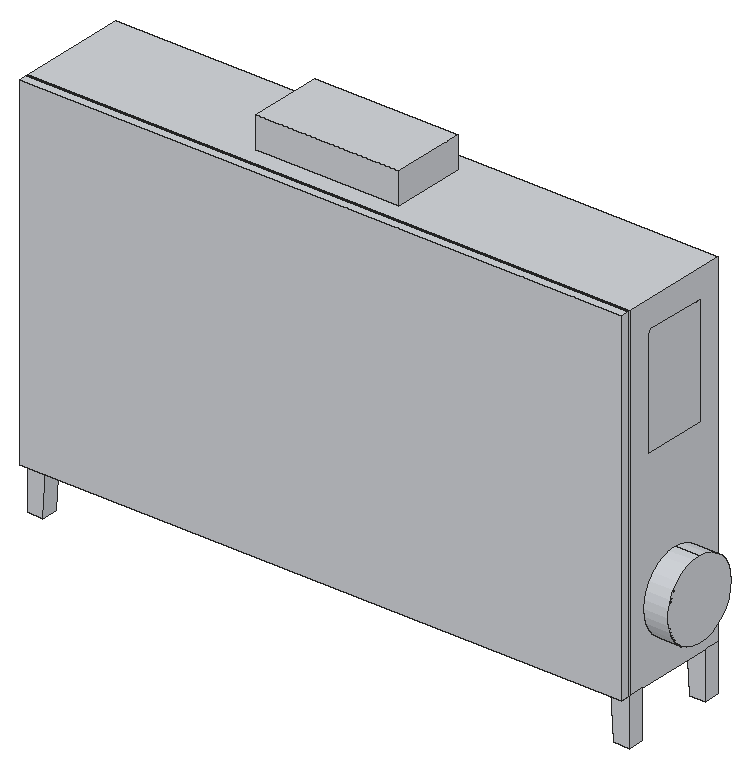
Revit family "AHU 3 _3", category Mechanické zařízení, Revit 2018
Family settings
  Kóta kulaté spojky = Použít průměr
  Typ dílu = Normální
  Číslo OmniClass = 23.75.00.00
  Nadpis OmniClass = Climate Control (HVAC)
  Založené na pracovní rovině = Ne
  Vždy vertikální = Ano
  Ořezat dutým tvarem při načtení = Ne
  Sdílené = Ne
  Bod výpočtu místnosti = Ne
Parameters (values of type "DUPLEXVENT 1100 Multi Eco")
  Width [instance] = 0.384 mm
  Weight [instance] = 115.00 kg
  URL = ""
  Type [instance] = "DUPLEXVENT 1100 Multi Eco"
  Total_SFP [instance] = 0
  Supply_outlet_hum [instance] = 90
  Supply_inlet_hum [instance] = 90
  Supply_ext_pressure [instance] = 0.0 Pa
  Supply_SFP [instance] = 0
  Source_adu_file [instance] = ""
  Recuperation_type [instance] = "Plate heat recovery exchanger"
  Recuperation_efficiency_EN308 [instance] = 0
  Project_name [instance] = ""
  Project_date [instance] = "10.8.2023"
  Power_supply_fusing [instance] = "0"
  Power_supply_cable [instance] = "0"
  Position [instance] = "AHU 3 "
  Phases_count [instance] = 1
  Panel_thickness [instance] = 0.06 mm
  Outer_surface [instance] = "RAL 9002"
  Length [instance] = 1.92 mm
  Insulation_type [instance] = "PUR"
  Insulation_thickness [instance] = 0.05 mm
  Installation_environment [instance] = ""
  Input_power_max [instance] = 770 W
  Inner_surface [instance] = "Pozink"
  I2 [instance] = I1  # 0.0 L/s
  Height [instance] = 1.1 mm
  Exhaust_outlet_hum [instance] = 40
  Exhaust_inlet_hum [instance] = 40
  Exhaust_ext_pressure [instance] = 0.0 Pa
  Exhaust_SFP [instance] = 0
  E1 [instance] = E2 - M1  # 0.0 L/s
  E2 [instance] = 0.0 L/s
  I1 [instance] = 0.0 L/s
  Description = ""
  M1 [instance] = 0.0 L/s
  Device_dutypoint_version [instance] = "0"
  Device_design_version [instance] = "9"
  Device_adu_id [instance] = "3"
  Current_max [instance] = 5 A
  Casing_mat [instance] = "painted zinc layer"
  Cable type [instance] = "CYKY 3Jx2,5"
Reference planes
  plane 1 "Střed (vpředu/vzadu)": y = 0
  plane 2 "ref": z = 0
  plane 3 "Střed (vlevo/vpravo)": x = 0
Forms (mm)
  Sweep 1, solid
    path origin (0, 0, 0) x (0, 0, 1) y (1, 0, 0)
      loop
        line (0, 0) -> (1100, 0)
    profile origin (0, 0, 0) x (1, 0, 0) y (0, 1, 0)
      loop
        line (0, 0) -> (1920, 0) -> (1920, 354) -> (0, 354) -> (0, 0)
  Sweep 2, solid
    path origin (0, 0, 0) x (0, 0, 1) y (1, 0, 0)
      loop
        line (0, 0) -> (1100, 0)
    profile origin (0, 0, 0) x (1, 0, 0) y (0, 1, 0)
      loop
        line (0, 0) -> (0, -30) -> (1920, -30) -> (1920, 0) -> (0, 0)
  Sweep 3, solid
    path origin (0, 179, 225) x (0, 0, -1) y (1, 0, 0)
      loop
        line (0, 0) -> (0, -60)
    profile origin (0, 179, 225) x (0, 0, -1) y (0, -1, 0)
      loop
        circle (0, 0) r 125
  Sweep 4, solid
    path origin (1919, 179, 835) x (1, 0, 0) y (0, 1, 0)
      loop
        line (0, 0) -> (1, 0)
    profile origin (1919, 179, 835) x (0, 1, 0) y (0, 0, 1)
      loop
        line (-100, 175) -> (-100, -175) -> (100, -175) -> (100, 175) -> (-100, 175)
  Sweep 5, solid
    path origin (1920, 179, 225) x (0, 0, -1) y (1, 0, 0)
      loop
        line (0, 0) -> (0, 80)
    profile origin (1920, 179, 225) x (0, 0, 1) y (0, -1, 0)
      loop
        circle (0, 0) r 125
  Sweep 6, solid
    path origin (1, 179, 680) x (0, 1, 0) y (-1, 0, 0)
      loop
        line (0, 0) -> (0, 1)
    profile origin (1, 179, 680) x (0, -1, 0) y (0, 0, 1)
      loop
        line (-100, -175) -> (100, -175) -> (100, 175) -> (-100, 175) -> (-100, -175)
  Sweep 7, solid
    path origin (619, 308, 0) x (0, -1, 0) y (0, 0, 1)
      loop
        line (0, 0) -> (0, -50)
    profile origin (619, 308, 0) x (-1, 0, 0) y (0, -1, 0)
      loop
        circle (0, 0) r 16
  Sweep 8, solid
    path origin (0, 0, 0) x (0, 0, 1) y (1, 0, 0)
      loop
        line (0, 0) -> (1100, 0)
    profile origin (0, 0, 0) x (1, 0, 0) y (0, 1, 0)
      loop
        line (0, -30) -> (1920, -30) -> (1920, -5) -> (0, -5) -> (0, -30)
  Sweep 9, solid
    path origin (25, 50, 0) x (1, 0, 0) y (0, 1, 0)
      loop
        line (0, 0) -> (0, -50)
    profile origin (25, 50, 0) x (1, 0, 0) y (0, 0, 1)
      loop
        line (-25, 0) -> (-25, -150) -> (25, -150) -> (35, 0) -> (-25, 0)
  Sweep 10, solid
    path origin (1895, 50, 0) x (1, 0, 0) y (0, 1, 0)
      loop
        line (0, 0) -> (0, -50)
    profile origin (1895, 50, 0) x (1, 0, 0) y (0, 0, 1)
      loop
        line (-35, 0) -> (-25, -150) -> (25, -150) -> (25, 0) -> (-35, 0)
  Sweep 11, solid
    path origin (25, 354, 0) x (1, 0, 0) y (0, 1, 0)
      loop
        line (0, 0) -> (0, -50)
    profile origin (25, 354, 0) x (1, 0, 0) y (0, 0, 1)
      loop
        line (-25, 0) -> (-25, -150) -> (25, -150) -> (35, 0) -> (-25, 0)
  Sweep 12, solid
    path origin (1895, 354, 0) x (1, 0, 0) y (0, 1, 0)
      loop
        line (0, 0) -> (0, -50)
    profile origin (1895, 354, 0) x (1, 0, 0) y (0, 0, 1)
      loop
        line (-35, 0) -> (-25, -150) -> (25, -150) -> (25, 0) -> (-35, 0)
  Sweep 13, solid
    path origin (0, 0, 1100) x (0, 0, 1) y (1, 0, 0)
      loop
        line (0, 0) -> (100, 0)
    profile origin (0, 0, 1100) x (1, 0, 0) y (0, 1, 0)
      loop
        line (682, 59) -> (1137, 59) -> (1137, 294) -> (682, 294) -> (682, 59)
  Sweep 14, solid
    path origin (682, 177, 1150) x (0, 0, -1) y (1, 0, 0)
      loop
        line (0, 0) -> (0, -1)
    profile origin (682, 177, 1150) x (0, 0, -1) y (0, -1, 0)
      loop
        circle (0, 0) r 10
Lines and regions (mm)
  model lines, style "Symbol"
    curve 1: line (787, -30, 0) -> (787, -30, 220)
    curve 2: line (787, -30, 1100) -> (787, -30, 880)
    curve 3: line (0, -30, 550) -> (457, -30, 550)
    curve 4: line (1920, -30, 550) -> (1117, -30, 550)
    curve 5: line (457, -30, 550) -> (622, -30, 880)
    curve 6: line (622, -30, 880) -> (952, -30, 880)
    curve 7: line (952, -30, 880) -> (1117, -30, 550)
    curve 8: line (1117, -30, 550) -> (952, -30, 220)
    curve 9: line (952, -30, 220) -> (787, -30, 220)
    curve 10: line (787, -30, 220) -> (622, -30, 220)
    curve 11: line (622, -30, 220) -> (457, -30, 550)
    curve 12: line (1678, -30, 903) -> (1854, -30, 873)
    curve 13: line (1678, -30, 747) -> (1854, -30, 777)
    curve 14: line (242, -30, 747) -> (66, -30, 777)
    curve 15: line (242, -30, 903) -> (66, -30, 873)
    curve 16: line (38, -30, 110) -> (38, -30, 440)
    curve 17: line (38, -30, 440) -> (154, -30, 440)
    curve 18: line (154, -30, 440) -> (154, -30, 110)
    curve 19: line (154, -30, 110) -> (38, -30, 110)
    curve 20: line (96, -30, 110) -> (154, -30, 275)
    curve 21: line (96, -30, 440) -> (154, -30, 275)
    curve 22: line (1882, -30, 440) -> (1882, -30, 110)
    curve 23: line (1882, -30, 110) -> (1766, -30, 110)
    curve 24: line (1766, -30, 110) -> (1766, -30, 440)
    curve 25: line (1766, -30, 440) -> (1882, -30, 440)
    curve 26: line (1824, -30, 440) -> (1766, -30, 275)
    curve 27: line (1824, -30, 110) -> (1766, -30, 275)
    curve 28: line (563, -30, 192) -> (413, -30, 487)
    curve 29: line (413, -30, 487) -> (462, -30, 512)
    curve 30: line (462, -30, 512) -> (612, -30, 217)
    curve 31: line (612, -30, 217) -> (563, -30, 192)
    curve 32: line (473, -30, 381) -> (492, -30, 440)
    curve 33: line (533, -30, 264) -> (552, -30, 323)
    curve 34: line (0, -1030, 0) -> (0, -30, 0)
    curve 35: line (1920, -1030, 0) -> (1920, -30, 0)
    curve 36: line (0, -1030, 0) -> (1920, -1030, 0)
    curve 37: line (0, -1030, 1100) -> (0, -30, 1100)
    curve 38: line (1920, -1030, 1100) -> (1920, -30, 1100)
    curve 39: line (0, -1030, 1100) -> (1920, -1030, 1100)
    curve 40: line (0, -1030, 0) -> (0, -1030, 1100)
    curve 41: line (1920, -1030, 0) -> (1920, -1030, 1100)
    curve 42: line (0, -1030, 900) -> (200, -1030, 1100)
    curve 43: line (0, -1030, 700) -> (400, -1030, 1100)
    curve 44: line (0, -1030, 500) -> (600, -1030, 1100)
    curve 45: line (0, -1030, 300) -> (800, -1030, 1100)
    curve 46: line (0, -1030, 100) -> (1000, -1030, 1100)
    curve 47: line (100, -1030, 0) -> (1200, -1030, 1100)
    curve 48: line (300, -1030, 0) -> (1400, -1030, 1100)
    curve 49: line (500, -1030, 0) -> (1600, -1030, 1100)
    curve 50: line (700, -1030, 0) -> (1800, -1030, 1100)
    curve 51: line (900, -1030, 0) -> (1920, -1030, 1020)
    curve 52: line (1100, -1030, 0) -> (1920, -1030, 820)
    curve 53: line (1300, -1030, 0) -> (1920, -1030, 620)
    curve 54: line (1500, -1030, 0) -> (1920, -1030, 420)
    curve 55: line (1700, -1030, 0) -> (1920, -1030, 220)
    curve 56: line (1900, -1030, 0) -> (1920, -1030, 20)
    curve 57: line (1920, -1030, 900) -> (1920, -830, 1100)
    curve 58: line (1920, -1030, 700) -> (1920, -630, 1100)
    curve 59: line (1920, -1030, 500) -> (1920, -430, 1100)
    curve 60: line (1920, -1030, 300) -> (1920, -230, 1100)
    curve 61: line (1920, -1030, 100) -> (1920, -30, 1100)
    curve 62: line (1920, -930, 0) -> (1920, -30, 900)
    curve 63: line (1920, -730, 0) -> (1920, -30, 700)
    curve 64: line (1920, -530, 0) -> (1920, -30, 500)
    curve 65: line (1920, -330, 0) -> (1920, -30, 300)
    curve 66: line (1920, -130, 0) -> (1920, -30, 100)
    curve 67: line (0, -830, 1100) -> (200, -1030, 1100)
    curve 68: line (0, -630, 1100) -> (400, -1030, 1100)
    curve 69: line (0, -430, 1100) -> (600, -1030, 1100)
    curve 70: line (0, -230, 1100) -> (800, -1030, 1100)
    curve 71: line (0, -30, 1100) -> (1000, -1030, 1100)
    curve 72: line (200, -30, 1100) -> (1200, -1030, 1100)
    curve 73: line (400, -30, 1100) -> (1400, -1030, 1100)
    curve 74: line (600, -30, 1100) -> (1600, -1030, 1100)
    curve 75: line (800, -30, 1100) -> (1800, -1030, 1100)
    curve 76: line (1000, -30, 1100) -> (1920, -950, 1100)
    curve 77: line (1200, -30, 1100) -> (1920, -750, 1100)
    curve 78: line (1400, -30, 1100) -> (1920, -550, 1100)
    curve 79: line (1600, -30, 1100) -> (1920, -350, 1100)
    curve 80: line (1800, -30, 1100) -> (1920, -150, 1100)
    curve 81: line (0, 0, 1840) -> (0, 0, 1100)
    curve 82: line (1920, 0, 1840) -> (1920, 0, 1100)
    curve 83: line (0, 0, 1840) -> (1920, 0, 1840)
    curve 84: line (0, 354, 1840) -> (0, 354, 1100)
    curve 85: line (1920, 354, 1840) -> (1920, 354, 1100)
    curve 86: line (0, 354, 1840) -> (1920, 354, 1840)
    curve 87: line (0, 0, 1840) -> (0, 354, 1840)
    curve 88: line (1920, 0, 1840) -> (1920, 354, 1840)
    curve 89: line (0, 154, 1840) -> (200, 354, 1840)
    curve 90: line (46, 0, 1840) -> (400, 354, 1840)
    curve 91: line (246, 0, 1840) -> (600, 354, 1840)
    curve 92: line (446, 0, 1840) -> (800, 354, 1840)
    curve 93: line (646, 0, 1840) -> (1000, 354, 1840)
    curve 94: line (846, 0, 1840) -> (1200, 354, 1840)
    curve 95: line (1046, 0, 1840) -> (1400, 354, 1840)
    curve 96: line (1246, 0, 1840) -> (1600, 354, 1840)
    curve 97: line (1446, 0, 1840) -> (1800, 354, 1840)
    curve 98: line (1646, 0, 1840) -> (1920, 274, 1840)
    curve 99: line (1846, 0, 1840) -> (1920, 74, 1840)
    curve 100: line (1920, 154, 1840) -> (1920, 354, 1640)
    curve 101: line (1920, 0, 1794) -> (1920, 354, 1440)
    curve 102: line (1920, 0, 1594) -> (1920, 354, 1240)
    curve 103: line (1920, 0, 1394) -> (1920, 294, 1100)
    curve 104: line (1920, 0, 1194) -> (1920, 94, 1100)
    curve 105: line (0, 354, 1640) -> (200, 354, 1840)
    curve 106: line (0, 354, 1440) -> (400, 354, 1840)
    curve 107: line (0, 354, 1240) -> (600, 354, 1840)
    curve 108: line (60, 354, 1100) -> (800, 354, 1840)
    curve 109: line (260, 354, 1100) -> (1000, 354, 1840)
    curve 110: line (460, 354, 1100) -> (1200, 354, 1840)
    curve 111: line (660, 354, 1100) -> (1400, 354, 1840)
    curve 112: line (860, 354, 1100) -> (1600, 354, 1840)
    curve 113: line (1060, 354, 1100) -> (1800, 354, 1840)
    curve 114: line (1260, 354, 1100) -> (1920, 354, 1760)
    curve 115: line (1460, 354, 1100) -> (1920, 354, 1560)
    curve 116: line (1660, 354, 1100) -> (1920, 354, 1360)
    curve 117: line (1860, 354, 1100) -> (1920, 354, 1160)
    curve 118: line (0, 354, -150) -> (0, 354, 0)
    curve 119: line (1920, 354, -150) -> (1920, 354, 0)
    curve 120: line (0, 354, -150) -> (1920, 354, -150)
    curve 121: line (0, 0, -150) -> (0, 0, 0)
    curve 122: line (1920, 0, -150) -> (1920, 0, 0)
    curve 123: line (0, 0, -150) -> (1920, 0, -150)
    curve 124: line (0, 354, -150) -> (0, 0, -150)
    curve 125: line (1920, 354, -150) -> (1920, 0, -150)
    curve 126: line (0, 200, -150) -> (200, 0, -150)
    curve 127: line (46, 354, -150) -> (400, 0, -150)
    curve 128: line (246, 354, -150) -> (600, 0, -150)
    curve 129: line (446, 354, -150) -> (800, 0, -150)
    curve 130: line (646, 354, -150) -> (1000, 0, -150)
    curve 131: line (846, 354, -150) -> (1200, 0, -150)
    curve 132: line (1046, 354, -150) -> (1400, 0, -150)
    curve 133: line (1246, 354, -150) -> (1600, 0, -150)
    curve 134: line (1446, 354, -150) -> (1800, 0, -150)
    curve 135: line (1646, 354, -150) -> (1920, 80, -150)
    curve 136: line (1846, 354, -150) -> (1920, 280, -150)
    curve 137: line (1920, 200, -150) -> (1920, 50, 0)
    curve 138: line (1920, 354, -104) -> (1920, 250, 0)
    curve 139: line (50, 0, 0) -> (200, 0, -150)
    curve 140: line (250, 0, 0) -> (400, 0, -150)
    curve 141: line (450, 0, 0) -> (600, 0, -150)
    curve 142: line (650, 0, 0) -> (800, 0, -150)
    curve 143: line (850, 0, 0) -> (1000, 0, -150)
    curve 144: line (1050, 0, 0) -> (1200, 0, -150)
    curve 145: line (1250, 0, 0) -> (1400, 0, -150)
    curve 146: line (1450, 0, 0) -> (1600, 0, -150)
    curve 147: line (1650, 0, 0) -> (1800, 0, -150)
    curve 148: line (1850, 0, 0) -> (1920, 0, -70)
    curve 149: line (0, -30, 0) -> (0, -30, 1100)
    curve 150: line (0, -30, 1100) -> (905, -30, 1100)
    curve 151: line (905, -30, 1100) -> (905, -30, 0)
    curve 152: line (905, -30, 0) -> (0, -30, 0)
    curve 153: line (1015, -30, 0) -> (1015, -30, 1100)
    curve 154: line (1015, -30, 1100) -> (1920, -30, 1100)
    curve 155: line (1920, -30, 1100) -> (1920, -30, 0)
    curve 156: line (1920, -30, 0) -> (1015, -30, 0)
    curve 157: line (0, -30, 0) -> (1920, -30, 0)
    curve 158: line (0, -30, 1100) -> (1920, -30, 1100)
    curve 159: line (0, -30, 0) -> (0, -30, 1100)
    curve 160: line (1920, -30, 0) -> (1920, -30, 1100)
    curve 161: line (0, -30, 0) -> (0, -5, 0)
    curve 162: line (1920, -30, 0) -> (1920, -5, 0)
    curve 163: line (0, -30, 1100) -> (0, -5, 1100)
    curve 164: line (1920, -30, 1100) -> (1920, -5, 1100)
    curve 165: circle (1755, -30, 825) r 110 normal (0, -1, 0)
    curve 166: circle (165, -30, 825) r 110 normal (0, -1, 0)
    curve 167: circle (482, -30, 411) r 8 normal (0, -1, 0)
    curve 168: circle (542, -30, 293) r 8 normal (0, -1, 0)
Dimensions and locks
  aligned and locked: level to plane 2 "ref"
Connectors
  hvac at (-60, 179, 225), driven by "E1"
    settings: on Sweep 3, index 1, duct flow 0.0 L/s, flow factor 0, pres drop 0.0 Pa, loss coef 0, conn angle 0.00°, conn width 304.8 mm, conn height 304.8 mm, conn diameter 250 mm, duct sys type 1, conn prof type 0, flow config 1, flow direction 1, loss method 0, conn ref index -1, conn util no, is conn primary yes, conn desc ""
  hvac at (1920, 179, 835), driven by "E2"
    settings: on Sweep 4, index 2, duct flow 0.0 L/s, flow factor 1, pres drop 0.0 Pa, loss coef 0, conn angle 0.00°, conn width 200 mm, conn height 350 mm, conn diameter 609.6 mm, duct sys type 1, conn prof type 1, flow config 2, flow direction 2, loss method 0, conn ref index -1, conn util no, is conn primary no, conn desc ""
  hvac at (2000, 179, 225), driven by "I1"
    settings: on Sweep 5, index 3, duct flow 0.0 L/s, flow factor 1, pres drop 0.0 Pa, loss coef 0, conn angle 0.00°, conn width 304.8 mm, conn height 304.8 mm, conn diameter 250 mm, duct sys type 3, conn prof type 0, flow config 2, flow direction 1, loss method 0, conn ref index -1, conn util no, is conn primary no, conn desc ""
  hvac at (0, 179, 680), driven by "I2"
    settings: on Sweep 6, index 4, duct flow 0.0 L/s, flow factor 0, pres drop 0.0 Pa, loss coef 0, conn angle 0.00°, conn width 200 mm, conn height 350 mm, conn diameter 609.6 mm, duct sys type 3, conn prof type 1, flow config 1, flow direction 2, loss method 0, conn ref index -1, conn util no, is conn primary no, conn desc ""
  piping at (619, 308, -50), diameter 22
    settings: on Sweep 7, index 5, connector inside diameter 609.6 mm, connector length 0 mm, flow factor 0, pipe flow 0.0 L/s, pressure drop 0.0 Pa, fitting loss kfactor 0, connector angle 0.00°, fixture units 0, engagement length 0 mm, angle of deflection 0.00°, flow configuration 1, flow direction 2, fitting loss method 0, system type 16, joint type 0, gender type 0, connector reference index -1, connector utility 0, adjustable connector no, is connector primary yes, connector description ""
  electrical at (681, 177, 1150)
    settings: on Sweep 14, index 6, voltage 230 V, apparent load 0 VA, apparent load phase1 0 VA, apparent load phase2 0 VA, apparent load phase3 0 VA, power factor 1, load classification "Další", number of poles 1, system type 31, power factor state 1, is connector primary yes, connector utility no, sub classification motor no, connector description ""
